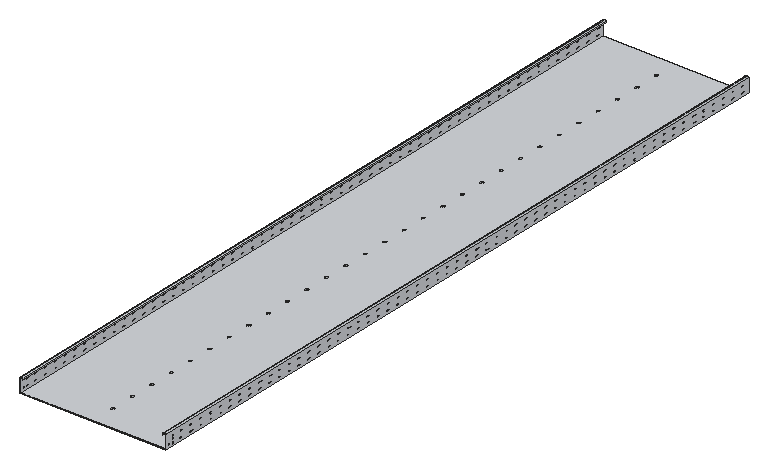
Revit family "Kabelrinne RKSM FT_615_620_630_640_650_660", category Generic Models, Revit 2017 (continued)
Dimensions and locks
  cut or joined group 1 (Extrusion 1, Extrusion 5, Extrusion 8, Extrusion 10, Extrusion 11, Extrusion 13, Extrusion 14, Extrusion 15, Extrusion 16, Extrusion 17, Extrusion 18, Extrusion 19, Extrusion 20, Extrusion 21, Extrusion 22, Extrusion 23, Extrusion 24, Extrusion 25, Extrusion 26, Extrusion 27, Extrusion 28, Extrusion 29, Extrusion 30, Extrusion 31, Extrusion 32, Extrusion 33, Extrusion 34, Extrusion 35, Extrusion 36, Extrusion 37, Extrusion 38, Extrusion 39, Extrusion 40, Extrusion 41, Extrusion 42, Extrusion 43, Extrusion 44, Extrusion 45, Extrusion 46, Extrusion 47, Extrusion 48, Extrusion 49, Extrusion 50, Extrusion 51, Extrusion 52, Extrusion 53, Extrusion 54, Extrusion 55, Extrusion 56, Extrusion 57, Extrusion 58, Extrusion 59, Extrusion 60, Extrusion 61, Extrusion 62, Extrusion 63, Extrusion 64, Extrusion 65, Extrusion 66, Extrusion 67, Extrusion 68, Extrusion 69, Extrusion 70, Extrusion 71, Extrusion 72, Extrusion 73, Extrusion 74, Extrusion 75, Extrusion 76, Extrusion 77, Extrusion 78, Extrusion 79, Extrusion 80, Extrusion 81, Extrusion 82, Extrusion 83, Extrusion 84, Extrusion 85, Extrusion 86, Extrusion 87, Extrusion 88, Extrusion 89, Extrusion 90, Extrusion 91, Extrusion 92, Extrusion 93, Extrusion 94, Extrusion 95, Extrusion 96, Extrusion 97, Extrusion 98, Extrusion 99, Extrusion 100, Extrusion 101, Extrusion 102, Extrusion 103, Extrusion 104, Extrusion 105, Extrusion 106, Extrusion 107, Extrusion 108, Extrusion 109, Extrusion 110, Extrusion 111, Extrusion 112, Extrusion 113, Extrusion 114, Extrusion 115, Extrusion 116, Extrusion 117, Extrusion 118, Extrusion 119, Extrusion 120, Extrusion 121, Extrusion 122, Extrusion 123, Extrusion 124, Extrusion 125, Extrusion 126, Extrusion 127, Extrusion 128, Extrusion 129, Extrusion 130, Extrusion 131, Extrusion 132, Extrusion 133, Extrusion 134, Extrusion 135, Extrusion 136, Extrusion 137, Extrusion 138, Extrusion 139, Extrusion 140, Extrusion 141, Extrusion 142, Extrusion 143, Extrusion 144, Extrusion 145, Extrusion 146, Extrusion 147, Extrusion 148, Extrusion 149, Extrusion 150, Extrusion 151, Extrusion 152, Extrusion 153, Extrusion 154, Extrusion 155, Extrusion 156, Extrusion 157, Extrusion 158, Extrusion 159, Extrusion 160, Extrusion 161, Extrusion 162, Extrusion 163, Extrusion 164, Extrusion 165, Extrusion 166, Extrusion 167, Extrusion 168, Extrusion 169, Extrusion 170, Extrusion 171, Extrusion 172, Extrusion 173, Extrusion 174, Extrusion 175, Extrusion 176, Extrusion 177, Extrusion 178, Extrusion 179, Extrusion 180, Extrusion 181, Extrusion 182, Extrusion 183, Extrusion 184, Extrusion 185, Extrusion 186, Extrusion 187, Extrusion 188, Extrusion 189, Extrusion 190, Extrusion 191, Extrusion 192, Extrusion 193, Extrusion 194, Extrusion 195, Extrusion 196, Extrusion 197, Extrusion 198, Extrusion 199, Extrusion 200, Extrusion 201, Extrusion 202, Extrusion 203, Extrusion 204, Extrusion 205, Extrusion 206, Extrusion 207, Extrusion 208, Extrusion 209, Extrusion 210, Extrusion 211, Extrusion 212, Extrusion 213, Extrusion 214, Extrusion 215, Extrusion 216, Extrusion 217, Extrusion 218, Extrusion 219, Extrusion 220, Extrusion 221, Extrusion 222, Extrusion 223, Extrusion 224, Extrusion 225, Extrusion 226, Extrusion 227, Extrusion 228, Extrusion 229, Extrusion 230, Extrusion 231, Extrusion 232, Extrusion 233, Extrusion 234, Extrusion 235, Extrusion 236, Extrusion 237, Extrusion 238, Extrusion 239, Extrusion 240, Extrusion 241, Extrusion 242, Extrusion 243, Extrusion 244, Extrusion 245, Extrusion 246, Extrusion 247, Extrusion 248, Extrusion 249, Extrusion 250, Extrusion 251, Extrusion 252, Extrusion 253, Extrusion 254, Extrusion 255, Extrusion 256, Extrusion 257, Extrusion 258, Extrusion 259, Extrusion 260, Extrusion 261, Extrusion 262, Extrusion 263, Extrusion 264, Extrusion 265, Extrusion 266, Extrusion 267, Extrusion 268, Extrusion 269, Extrusion 270, Extrusion 271, Extrusion 272, Extrusion 273, Extrusion 274, Extrusion 275, Extrusion 276, Extrusion 277) to cut or joined group 1 = 282.5 mm  (x3)
  locked: cut or joined group 1 to cut or joined group 1 at 96.18
  equal spacing: group 356, group 357, group 358, group 359, group 360, group 361, group 362, group 363, group 364, group 365, group 366, group 367, group 368, group 369, group 370, group 371, group 372, group 373, group 374, group 375, group 376, group 377, group 378, group 379, group 380, group 381, group 382, group 383, group 384  (x3)
  locked: cut or joined group 1 to cut or joined group 1 at 196.18
  locked: cut or joined group 1 to cut or joined group 1 at 296.18
  locked: Extrusion 270 sketch curve to Extrusion 270 sketch curve at 7
  locked: cut or joined group 1 to cut or joined group 1 at 9  (x2)
  locked: cut or joined group 1 to cut or joined group 1 at 23  (x2)
  locked: cut or joined group 1 to Extrusion 271 sketch curve at 9
  cut or joined group 1 to Extrusion 271 sketch curve = 28 mm
